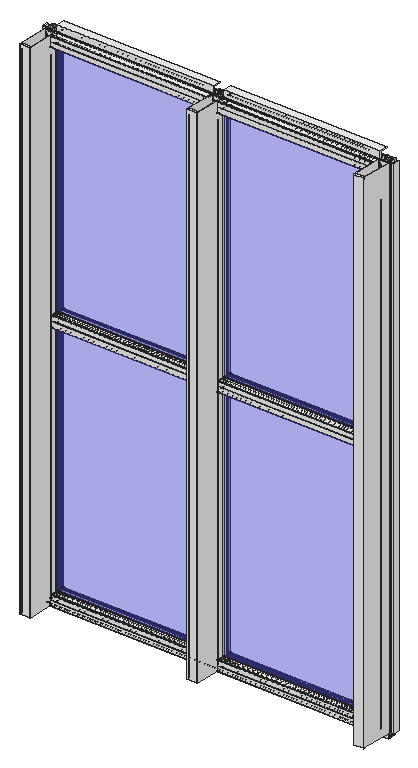
Revit family "Facade_60_Curtain_Wall_S22_Custom", category Windows, host Wall, Revit 2014 (continued)
Definition of nested family "F60 Vertical Profile Side_S22_Cust"
  Automatic sketch dimensions
    Extrusion 7 sketch curve to Extrusion 7 sketch curve = 1.65 mm
    Extrusion 7 sketch curve to Extrusion 7 sketch curve = 4.987 mm
    Extrusion 7 sketch curve to Extrusion 7 sketch curve = 4.813 mm
    Extrusion 7 sketch curve to Extrusion 7 sketch curve = 4.812 mm
    Extrusion 7 sketch curve to Extrusion 7 sketch curve = 137.5 mm
    Extrusion 7 sketch curve to Extrusion 7 sketch curve = 0.2 mm  (x2)
    Extrusion 7 sketch curve to Extrusion 7 sketch curve = 0.4 mm  (x2)
    Extrusion 7 sketch curve to Extrusion 7 sketch curve = 4.5 mm
    Extrusion 8 sketch curve to plane 3 "Center (Left/Right)" = 0 mm
    Extrusion 8 sketch curve to Extrusion 8 sketch curve = 1 mm  (x3)
    plane 3 "Center (Left/Right)" to Extrusion 8 sketch curve = 1.65 mm
    plane 3 "Center (Left/Right)" to Extrusion 8 sketch curve = 2.75 mm
    Extrusion 8 sketch curve to Extrusion 8 sketch curve = 0.8 mm  (x2)
    Extrusion 8 sketch curve to Extrusion 8 sketch curve = 52.5 mm
    Extrusion 8 sketch curve to plane 1 "Center (Front/Back)" = 15.1 mm
    Extrusion 8 sketch curve to Extrusion 8 sketch curve = 52.9 mm
    Extrusion 8 sketch curve to Extrusion 8 sketch curve = 1.9 mm
    Extrusion 8 sketch curve to Extrusion 8 sketch curve = 2.75 mm
    Extrusion 8 sketch curve to Extrusion 8 sketch curve = 4.444 mm
    Extrusion 8 sketch curve to Extrusion 8 sketch curve = 4.656 mm  (x2)
    Extrusion 8 sketch curve to Extrusion 8 sketch curve = 163.2 mm
    Extrusion 8 sketch curve to Extrusion 8 sketch curve = 9.5 mm
    plane 3 "Center (Left/Right)" to Extrusion 9 sketch curve = 25.249 mm
    Extrusion 9 sketch curve to Extrusion 9 sketch curve = 0.5 mm  (x4)
    Extrusion 9 sketch curve to Extrusion 9 sketch curve = 1.1 mm
    plane 1 "Center (Front/Back)" to Extrusion 9 sketch curve = 11.356 mm  (x2)
    Extrusion 9 sketch curve to Extrusion 9 sketch curve = 0.293 mm  (x2)
    Extrusion 9 sketch curve to Extrusion 9 sketch curve = 1.896 mm
    Extrusion 9 sketch curve to Extrusion 9 sketch curve = 1.922 mm
    Extrusion 9 sketch curve to Extrusion 9 sketch curve = 1 mm  (x2)
    Extrusion 9 sketch curve to Extrusion 9 sketch curve = 0.7 mm
    Extrusion 9 sketch curve to Extrusion 9 sketch curve = 0.808 mm
    Extrusion 9 sketch curve to plane 1 "Center (Front/Back)" = 2.272 mm  (x2)
    Extrusion 9 sketch curve to Extrusion 9 sketch curve = 0.303 mm
    Extrusion 9 sketch curve to plane 1 "Center (Front/Back)" = 1.745 mm
    Extrusion 9 sketch curve to Extrusion 9 sketch curve = 0.356 mm
    plane 1 "Center (Front/Back)" to Extrusion 9 sketch curve = 9.206 mm  (x2)
    Extrusion 9 sketch curve to Extrusion 9 sketch curve = 1.647 mm
    Extrusion 9 sketch curve to Extrusion 9 sketch curve = 0.701 mm
    Extrusion 9 sketch curve to Extrusion 9 sketch curve = 0.992 mm
    Extrusion 9 sketch curve to Extrusion 9 sketch curve = 0.003 mm
    Extrusion 9 sketch curve to Extrusion 9 sketch curve = 0.002 mm
    Extrusion 9 sketch curve to Extrusion 9 sketch curve = 0.004 mm
    Extrusion 9 sketch curve to Extrusion 9 sketch curve = 0.708 mm
    Extrusion 9 sketch curve to plane 1 "Center (Front/Back)" = 1.946 mm
    Extrusion 9 sketch curve to Extrusion 9 sketch curve = 0.899 mm
    Extrusion 9 sketch curve to Extrusion 9 sketch curve = 0.444 mm
    Extrusion 9 sketch curve to Extrusion 9 sketch curve = 3.038 mm
    Extrusion 9 sketch curve to plane 1 "Center (Front/Back)" = 0.385 mm  (x2)
    Extrusion 9 sketch curve to Extrusion 9 sketch curve = 0.756 mm
    Extrusion 9 sketch curve to Extrusion 9 sketch curve = 2.153 mm
    Extrusion 9 sketch curve to Extrusion 9 sketch curve = 0.631 mm
    Extrusion 9 sketch curve to Extrusion 9 sketch curve = 0.807 mm
    Extrusion 9 sketch curve to Extrusion 9 sketch curve = 1.646 mm
    Extrusion 9 sketch curve to Extrusion 9 sketch curve = 0.707 mm
    Extrusion 9 sketch curve to Extrusion 9 sketch curve = 1.393 mm
    Extrusion 9 sketch curve to Extrusion 9 sketch curve = 1.923 mm
    Extrusion 9 sketch curve to Extrusion 9 sketch curve = 11.937 mm
    Extrusion 9 sketch curve to Extrusion 9 sketch curve = 1.6 mm
    Extrusion 9 sketch curve to Extrusion 9 sketch curve = 0.9 mm  (x2)
    Extrusion 9 sketch curve to Extrusion 9 sketch curve = 1.356 mm  (x2)
    Extrusion 9 sketch curve to Extrusion 9 sketch curve = 0.714 mm
    Extrusion 9 sketch curve to Extrusion 9 sketch curve = 0.02 mm
    Extrusion 9 sketch curve to Extrusion 9 sketch curve = 0.399 mm
    Extrusion 9 sketch curve to Extrusion 9 sketch curve = 2.224 mm
    Extrusion 9 sketch curve to Extrusion 9 sketch curve = 0.448 mm
    Extrusion 9 sketch curve to plane 1 "Center (Front/Back)" = 0.198 mm
    Extrusion 9 sketch curve to plane 1 "Center (Front/Back)" = 0.201 mm
    Extrusion 9 sketch curve to Extrusion 9 sketch curve = 0.032 mm
    Extrusion 9 sketch curve to Extrusion 9 sketch curve = 0 mm
    plane 3 "Center (Left/Right)" to Extrusion 10 sketch curve = 1.014 mm
    Extrusion 10 sketch curve to Extrusion 10 sketch curve = 0.469 mm  (x2)
    plane 3 "Center (Left/Right)" to Extrusion 10 sketch curve = 1.706 mm
    Extrusion 10 sketch curve to Extrusion 10 sketch curve = 1.079 mm
    Extrusion 10 sketch curve to Extrusion 10 sketch curve = 0.864 mm
    Extrusion 10 sketch curve to Extrusion 10 sketch curve = 1.15 mm  (x4)
    Extrusion 10 sketch curve to Extrusion 10 sketch curve = 3.2 mm  (x2)
    Extrusion 10 sketch curve to Extrusion 10 sketch curve = 3.031 mm  (x2)
    Extrusion 10 sketch curve to Extrusion 10 sketch curve = 0.6 mm  (x3)
    Extrusion 10 sketch curve to Extrusion 10 sketch curve = 15.584 mm  (x2)
    Extrusion 10 sketch curve to Extrusion 10 sketch curve = 0.808 mm  (x2)
    Extrusion 10 sketch curve to Extrusion 10 sketch curve = 3.038 mm
    Extrusion 10 sketch curve to Extrusion 10 sketch curve = 0.865 mm
    Extrusion 10 sketch curve to Extrusion 10 sketch curve = 1.25 mm  (x5)
    Extrusion 10 sketch curve to Extrusion 10 sketch curve = 0.61 mm
    plane 1 "Center (Front/Back)" to Extrusion 10 sketch curve = 31.288 mm
    Extrusion 10 sketch curve to Extrusion 10 sketch curve = 0.362 mm
    plane 1 "Center (Front/Back)" to Extrusion 10 sketch curve = 31.65 mm
    Extrusion 10 sketch curve to Extrusion 10 sketch curve = 0.962 mm
    Extrusion 10 sketch curve to Extrusion 10 sketch curve = 0.85 mm
    Extrusion 10 sketch curve to Extrusion 10 sketch curve = 0.512 mm  (x2)
    Extrusion 10 sketch curve to Extrusion 10 sketch curve = 0.4 mm  (x2)
    Extrusion 10 sketch curve to Extrusion 10 sketch curve = 1 mm
    Extrusion 10 sketch curve to Extrusion 10 sketch curve = 2.8 mm
    Extrusion 10 sketch curve to Extrusion 10 sketch curve = 0 mm  (x2)
    Extrusion 10 sketch curve to Extrusion 10 sketch curve = 1.4 mm
    Extrusion 10 sketch curve to Extrusion 10 sketch curve = 0.539 mm  (x2)
    plane 1 "Center (Front/Back)" to Extrusion 10 sketch curve = 28.864 mm
    Extrusion 11 sketch curve to plane 3 "Center (Left/Right)" = 0 mm
    plane 3 "Center (Left/Right)" to Extrusion 11 sketch curve = 0.65 mm
    Extrusion 11 sketch curve to Extrusion 11 sketch curve = 0.128 mm  (x2)
    plane 3 "Center (Left/Right)" to Extrusion 11 sketch curve = 1.014 mm
    plane 3 "Center (Left/Right)" to Extrusion 11 sketch curve = 1.05 mm
    Extrusion 11 sketch curve to Extrusion 11 sketch curve = 0.469 mm  (x2)
    Extrusion 11 sketch curve to Extrusion 11 sketch curve = 1.079 mm
    Extrusion 11 sketch curve to Extrusion 11 sketch curve = 1.317 mm  (x2)
    Extrusion 11 sketch curve to Extrusion 11 sketch curve = 0 mm  (x3)
    plane 3 "Center (Left/Right)" to Extrusion 11 sketch curve = 3.85 mm
    Extrusion 11 sketch curve to Extrusion 11 sketch curve = 0.15 mm  (x2)
    Extrusion 11 sketch curve to Extrusion 11 sketch curve = 26 mm  (x2)
    Extrusion 11 sketch curve to Extrusion 11 sketch curve = 1.05 mm
    Extrusion 11 sketch curve to Extrusion 11 sketch curve = 0.707 mm
    Extrusion 11 sketch curve to Extrusion 11 sketch curve = 0.433 mm
    plane 1 "Center (Front/Back)" to Extrusion 11 sketch curve = 31.288 mm
    plane 1 "Center (Front/Back)" to Extrusion 11 sketch curve = 28.065 mm
    Extrusion 11 sketch curve to Extrusion 11 sketch curve = 1.314 mm
    Extrusion 11 sketch curve to Extrusion 11 sketch curve = 0.65 mm
    Extrusion 11 sketch curve to Extrusion 11 sketch curve = 0.5 mm  (x2)
    plane 1 "Center (Front/Back)" to Extrusion 11 sketch curve = 32.75 mm
    Extrusion 11 sketch curve to Extrusion 11 sketch curve = 0.1 mm  (x3)
    Extrusion 11 sketch curve to Extrusion 11 sketch curve = 1.1 mm  (x2)
    Extrusion 11 sketch curve to Extrusion 11 sketch curve = 8.608 mm
    Extrusion 11 sketch curve to Extrusion 11 sketch curve = 0.962 mm
    Extrusion 12 sketch curve to plane 3 "Center (Left/Right)" = 21.349 mm
    Extrusion 12 sketch curve to Extrusion 12 sketch curve = 6.35 mm
    plane 3 "Center (Left/Right)" to Extrusion 12 sketch curve = 10.403 mm
    plane 1 "Center (Front/Back)" to Extrusion 12 sketch curve = 35.567 mm
    plane 1 "Center (Front/Back)" to Extrusion 12 sketch curve = 10.171 mm
    plane 1 "Center (Front/Back)" to Extrusion 12 sketch curve = 3.821 mm
    Extrusion 13 sketch curve to plane 3 "Center (Left/Right)" = 21.35 mm
    Extrusion 13 sketch curve to Extrusion 13 sketch curve = 6.35 mm
    plane 3 "Center (Left/Right)" to Extrusion 13 sketch curve = 10.402 mm
    plane 1 "Center (Front/Back)" to Extrusion 13 sketch curve = 33.172 mm
    plane 1 "Center (Front/Back)" to Extrusion 13 sketch curve = 7.775 mm
    plane 1 "Center (Front/Back)" to Extrusion 13 sketch curve = 1.425 mm
    Extrusion 14 sketch curve to plane 3 "Center (Left/Right)" = 0 mm
    plane 3 "Center (Left/Right)" to Extrusion 14 sketch curve = 1.2 mm
    Extrusion 14 sketch curve to Extrusion 14 sketch curve = 9.6 mm
    Extrusion 14 sketch curve to Extrusion 14 sketch curve = 1.2 mm  (x3)
    plane 1 "Center (Front/Back)" to Extrusion 14 sketch curve = 25.775 mm
    plane 1 "Center (Front/Back)" to Extrusion 14 sketch curve = 8.975 mm
    curve 4 to Extrusion 6 = 0 mm
    curve 3 to Extrusion 6 = 0 mm
    curve 1 to Extrusion 6 = 0 mm
    curve 4 to Extrusion 6 = 3.6 mm
    curve 3 to Extrusion 6 = 3.6 mm
    curve 1 to Extrusion 6 = 3.6 mm
    Extrusion 6 to curve 2 = 1 mm
    Extrusion 6 to curve 5 = 1 mm
    Extrusion 6 to curve 6 = 1 mm
    curve 6 to Extrusion 6 = 1 mm
    curve 5 to Extrusion 6 = 1 mm
    curve 2 to Extrusion 6 = 1 mm
    curve 9 to Extrusion 6 = 0 mm
    curve 8 to Extrusion 6 = 0 mm
    curve 7 to Extrusion 6 = 0 mm
    Extrusion 6 to curve 8 = 3.6 mm
    Extrusion 6 to curve 9 = 3.6 mm
    Extrusion 6 to curve 7 = 3.6 mm
    curve 12 to Extrusion 5 = 25.894 mm
    curve 11 to Extrusion 5 = 25.894 mm
    curve 10 to Extrusion 5 = 25.894 mm
    curve 10 to Extrusion 5 = 0.108 mm
    Extrusion 5 to curve 12 = 0.703 mm
    Extrusion 5 to curve 11 = 0.703 mm
    curve 13 to Extrusion 5 = 4 mm
    curve 14 to Extrusion 5 = 4 mm
    curve 15 to Extrusion 5 = 4 mm
    Extrusion 5 to curve 15 = 0.702 mm
    Extrusion 5 to curve 14 = 0.702 mm
    Extrusion 5 to curve 13 = 0.702 mm
    curve 18 to Extrusion 7 = 0 mm
    curve 17 to Extrusion 7 = 0 mm
    curve 16 to Extrusion 7 = 0 mm
    Extrusion 7 to curve 17 = 3.6 mm
    Extrusion 7 to curve 18 = 3.6 mm
    Extrusion 7 to curve 16 = 3.6 mm
    Extrusion 7 to curve 21 = 1 mm  (x2)
    Extrusion 7 to curve 20 = 1 mm  (x2)
    Extrusion 7 to curve 19 = 1 mm  (x2)
    curve 24 to Extrusion 7 = 0 mm
    curve 23 to Extrusion 7 = 0 mm
    curve 22 to Extrusion 7 = 0 mm
    curve 24 to Extrusion 7 = 3.6 mm
    curve 23 to Extrusion 7 = 3.6 mm
    curve 22 to Extrusion 7 = 3.6 mm
    curve 27 to Extrusion 8 = 0 mm
    curve 26 to Extrusion 8 = 0 mm
    curve 25 to Extrusion 8 = 0 mm
    Extrusion 8 to curve 26 = 3.6 mm
    Extrusion 8 to curve 27 = 3.6 mm
    Extrusion 8 to curve 25 = 3.6 mm
    Extrusion 8 to curve 30 = 0.221 mm
    Extrusion 8 to curve 29 = 0.221 mm
    Extrusion 8 to curve 28 = 0.221 mm
    curve 29 to Extrusion 8 = 0.222 mm
    curve 30 to Extrusion 8 = 0.222 mm
    curve 28 to Extrusion 8 = 0.222 mm
    curve 33 to Extrusion 8 = 0 mm
    curve 32 to Extrusion 8 = 0 mm
    curve 31 to Extrusion 8 = 0 mm
    curve 33 to Extrusion 8 = 3.6 mm
    curve 32 to Extrusion 8 = 3.6 mm
    curve 31 to Extrusion 8 = 3.6 mm
    curve 34 to Extrusion 11 = 4.016 mm
    curve 35 to Extrusion 11 = 4.016 mm
    curve 36 to Extrusion 11 = 3.97 mm
    Extrusion 11 to curve 36 = 0.637 mm
    Extrusion 11 to curve 35 = 0.637 mm
    Extrusion 11 to curve 34 = 0.637 mm
    curve 37 to Extrusion 11 = 29.221 mm
    curve 38 to Extrusion 11 = 29.221 mm
    curve 39 to Extrusion 11 = 29.221 mm
    Extrusion 11 to curve 39 = 3.222 mm
    Extrusion 11 to curve 38 = 3.222 mm
    Extrusion 11 to curve 37 = 3.222 mm
Definition of nested family "F60 Horizontal Profile Top_S22_Cust"
  Parameters (values of type "F60 Horizontal Profile Top")
    Thermal Break Material [instance] = none
    Single Glazing [instance] = yes
    Profile Material [instance] = none
    Length [instance] = 250 mm
    Double Glazing [instance] = yes
  Reference planes
    plane 1 "Center (Front/Back)": y = 0
    plane 2: z = 0
    plane 3 "Center (Left/Right)": x = 0
  Forms (mm)
    Extrusion 1, solid, material <- "Profile Material"
      sketch origin (0, 0, 0) x (0, 1, 0) y (0, 0, 1)
        loop
          line (-9.94, 7.845) -> (-8.37, 6.275) -> (-1.2, 10.415) -> (-1.2, 1.2) -> (-5, 1.2) -> (-5, 0) -> (-1, 0)
          arc (-1, 0) -> (-0.293, 0.293) -> (0, 1) r 1
          line (0, 1) -> (0, 30) -> (0, 59)
          arc (0, 59) -> (-0.293, 59.707) -> (-1, 60) r 1
          line (-1, 60) -> (-5, 60) -> (-5, 58.8) -> (-1.2, 58.8) -> (-1.2, 49.585) -> (-8.37, 53.725) -> (-9.94, 52.155)
          arc (-9.94, 52.155) -> (-9.902, 51.269) -> (-9.016, 51.232) r 0.655
          line (-9.016, 51.232) -> (-8.077, 52.17) -> (-1.2, 48.2) -> (-1.2, 30) -> (-1.2, 11.8) -> (-8.077, 7.83) -> (-9.016, 8.768)
          arc (-9.016, 8.768) -> (-9.902, 8.731) -> (-9.94, 7.845) r 0.655
      from 0 to 250 <- "Length"
    Extrusion 2, solid, material <- "Profile Material"
      sketch origin (0, 0, 0) x (0, 1, 0) y (0, 0, 1)
        loop
          line (-5, 60) -> (-44.6, 60) -> (-44.6, 58.35) -> (-39.944, 58.35) -> (-39.944, 1.65) -> (-44.6, 1.65) -> (-44.6, 0) -> (-5, 0) -> (-5, 2.2) -> (-4.2, 2.2) -> (-4.2, 3.018)
          arc (-4.2, 3.018) -> (-4.352, 3.783) -> (-4.786, 4.432) r 2
          line (-4.786, 4.432) -> (-7.054, 6.7) -> (-8, 6.489) -> (-8, 5.7) -> (-7.205, 5.7) -> (-7.205, 2.95) -> (-8, 2.95) -> (-8, 1.95) -> (-12.752, 1.95) -> (-12.752, 6.7) -> (-14.152, 6.7) -> (-14.152, 1.65) -> (-38.65, 1.65) -> (-38.65, 8.33) -> (-37.097, 8.33) -> (-34.666, 6.973)
          arc (-34.666, 6.973) -> (-33.846, 7.192) -> (-34.066, 8.012) r 0.6
          line (-34.066, 8.012) -> (-37.128, 9.78) -> (-38.65, 9.78) -> (-38.65, 12.65) -> (-37.6, 13.7) -> (-37.6, 20.3) -> (-38.65, 21.35) -> (-38.65, 38.65) -> (-37.6, 39.7) -> (-37.6, 46.3) -> (-38.65, 47.35) -> (-38.65, 50.22) -> (-37.128, 50.22) -> (-34.066, 51.988)
          arc (-34.066, 51.988) -> (-33.846, 52.808) -> (-34.666, 53.027) r 0.6
          line (-34.666, 53.027) -> (-37.032, 51.661) -> (-38.65, 51.661) -> (-38.65, 58.35) -> (-14.152, 58.35) -> (-14.152, 53.3) -> (-12.752, 53.3) -> (-12.752, 58.05) -> (-8, 58.05) -> (-8, 57.05) -> (-7.205, 57.05) -> (-7.205, 54.3) -> (-8, 54.3) -> (-8, 53.511) -> (-7.054, 53.3) -> (-4.786, 55.568)
          arc (-4.786, 55.568) -> (-4.352, 56.217) -> (-4.2, 56.982) r 2
          line (-4.2, 56.982) -> (-4.2, 57.8) -> (-5, 57.8) -> (-5, 60)
      from 0 to 250 <- "Length"
    Extrusion 3, solid, material <- "Thermal Break Material"
      sketch origin (0, 0, 0) x (0, 1, 0) y (0, 0, 1)
        loop
          line (-40, 1.75) -> (-40, 30) -> (-40, 58.25) -> (-44.6, 58.25) -> (-44.6, 60) -> (-45.9, 60) -> (-45.9, 53.65) -> (-41.788, 53.65)
          arc (-41.788, 53.65) -> (-41.363, 53.474) -> (-41.187, 53.05) r 0.6
          line (-41.187, 53.05) -> (-41.187, 30) -> (-41.187, 6.95)
          arc (-41.187, 6.95) -> (-41.363, 6.526) -> (-41.788, 6.35) r 0.6
          line (-41.788, 6.35) -> (-45.9, 6.35) -> (-45.9, 0) -> (-44.6, 0) -> (-44.6, 1.75) -> (-40, 1.75)
      from 0 to 250 <- "Length"
    Extrusion 4, solid, material <- "Profile Material"
      sketch origin (0, 0, 0) x (0, 1, 0) y (0, 0, 1)
        loop
          line (-58.5, 25.249) -> (-43.6, 25.249)
          arc (-43.6, 25.249) -> (-43.034, 25.015) -> (-42.8, 24.449) r 0.8
          line (-42.8, 24.449) -> (-42.8, 7.9) -> (-44.4, 7.9) -> (-44.4, 9.45) -> (-45.25, 9.45)
          arc (-45.25, 9.45) -> (-45.674, 9.274) -> (-45.85, 8.85) r 0.6
          line (-45.85, 8.85) -> (-45.85, 7.9) -> (-48.8, 7.9)
          arc (-48.8, 7.9) -> (-49.3, 8.4) -> (-49.8, 7.9) r 0.5
          line (-49.8, 7.9) -> (-49.8, 5.55) -> (-48.65, 5.55) -> (-48.65, 6.7) -> (-47.35, 6.7) -> (-47.35, 1.2) -> (-48.65, 1.2) -> (-48.65, 2.35) -> (-49.8, 2.35) -> (-49.8, 0.5)
          arc (-49.8, 0.5) -> (-49.654, 0.146) -> (-49.3, 0) r 0.5
          line (-49.3, 0) -> (-45.9, 0) -> (-45.9, 6.45) -> (-42.2, 6.45)
          arc (-42.2, 6.45) -> (-41.634, 6.684) -> (-41.4, 7.25) r 0.8
          line (-41.4, 7.25) -> (-41.4, 30) -> (-41.4, 52.75)
          arc (-41.4, 52.75) -> (-41.634, 53.316) -> (-42.2, 53.55) r 0.8
          line (-42.2, 53.55) -> (-45.9, 53.55) -> (-45.9, 60) -> (-49.3, 60)
          arc (-49.3, 60) -> (-49.654, 59.854) -> (-49.8, 59.5) r 0.5
          line (-49.8, 59.5) -> (-49.8, 57.65) -> (-48.65, 57.65) -> (-48.65, 58.8) -> (-47.35, 58.8) -> (-47.35, 53.3) -> (-48.65, 53.3) -> (-48.65, 54.45) -> (-49.8, 54.45) -> (-49.8, 52.1)
          arc (-49.8, 52.1) -> (-49.3, 51.6) -> (-48.8, 52.1) r 0.5
          line (-48.8, 52.1) -> (-45.85, 52.1) -> (-45.85, 51.15)
          arc (-45.85, 51.15) -> (-45.674, 50.726) -> (-45.25, 50.55) r 0.6
          line (-45.25, 50.55) -> (-44.4, 50.55) -> (-44.4, 52.1) -> (-42.8, 52.1) -> (-42.8, 35.551)
          arc (-42.8, 35.551) -> (-43.034, 34.985) -> (-43.6, 34.751) r 0.8
          line (-43.6, 34.751) -> (-58.5, 34.751)
          arc (-58.5, 34.751) -> (-59.066, 34.516) -> (-59.3, 33.951) r 0.8
          line (-59.3, 33.951) -> (-59.3, 32.902) -> (-42.8, 32.902) -> (-42.8, 27.1) -> (-59.3, 27.1) -> (-59.3, 26.049)
          arc (-59.3, 26.049) -> (-59.066, 25.484) -> (-58.5, 25.249) r 0.8
      from 0 to 250 <- "Length"
    Extrusion 5, solid, material <- "Thermal Break Material", visible <- "Single Glazing"
      sketch origin (0, 0, 0) x (0, 1, 0) y (0, 0, 1)
        loop
          arc (-63.8, 25.751) -> (-63.654, 25.397) -> (-63.3, 25.251) r 0.5
          line (-63.3, 25.251) -> (-59.8, 25.251)
          arc (-59.8, 25.251) -> (-59.446, 25.397) -> (-59.3, 25.751) r 0.5
          line (-59.3, 25.751) -> (-59.3, 27.648) -> (-49.599, 27.648) -> (-47.528, 28.651)
          arc (-47.528, 28.651) -> (-46.803, 30.001) -> (-47.528, 31.351) r 1.62
          line (-47.528, 31.351) -> (-49.599, 32.353) -> (-59.3, 32.353) -> (-59.3, 34.251)
          arc (-59.3, 34.251) -> (-59.446, 34.604) -> (-59.8, 34.751) r 0.5
          line (-59.8, 34.751) -> (-63.3, 34.751)
          arc (-63.3, 34.751) -> (-63.654, 34.604) -> (-63.8, 34.251) r 0.5
          line (-63.8, 34.251) -> (-63.8, 32.328) -> (-62.4, 31.52) -> (-62.4, 28.483) -> (-63.8, 27.673) -> (-63.8, 25.751)
        loop
          line (-59.794, 28.506) -> (-59.006, 29.294)
          arc (-59.006, 29.294) -> (-58.788, 29.618) -> (-58.713, 30.001) r 0.986
          arc (-58.713, 30.001) -> (-58.79, 30.384) -> (-59.008, 30.71) r 1.007
          line (-59.008, 30.71) -> (-59.794, 31.496) -> (-60.65, 31.496)
          arc (-60.65, 31.496) -> (-61.004, 31.349) -> (-61.15, 30.996) r 0.5
          line (-61.15, 30.996) -> (-61.15, 29.006)
          arc (-61.15, 29.006) -> (-61.004, 28.652) -> (-60.65, 28.506) r 0.5
          line (-60.65, 28.506) -> (-59.794, 28.506)
        loop
          line (-47.854, 30.898) -> (-49.415, 31.653) -> (-56.782, 31.653)
          arc (-56.782, 31.653) -> (-57.207, 31.417) -> (-57.23, 30.932) r 0.5
          arc (-57.23, 30.932) -> (-57.013, 30.001) -> (-57.23, 29.07) r 2.099
          arc (-57.23, 29.07) -> (-57.207, 28.584) -> (-56.782, 28.348) r 0.5
          line (-56.782, 28.348) -> (-49.415, 28.348) -> (-48.055, 29.007)
          arc (-48.055, 29.007) -> (-47.35, 29.888) -> (-47.854, 30.898) r 1.047
      from 0 to 250 <- "Length"
    Extrusion 6, solid, material <- "Profile Material", visible <- "Single Glazing"
      sketch origin (0, 0, 0) x (0, 1, 0) y (0, 0, 1)
        loop
          line (-63.8, 52.694) -> (-64.8, 52.694) -> (-64.8, 51.544) -> (-66.05, 51.544) -> (-66.05, 57.044) -> (-64.8, 57.044) -> (-64.8, 55.894) -> (-63.8, 55.894) -> (-63.8, 58.294)
          arc (-63.8, 58.294) -> (-64.082, 58.803) -> (-64.664, 58.835) r 0.6
          line (-64.664, 58.835) -> (-66.562, 57.91) -> (-67.088, 58.988) -> (-68.05, 58.519) -> (-68.05, 48.513)
          arc (-68.05, 48.513) -> (-67.874, 48.089) -> (-67.45, 47.913) r 0.6
          line (-67.45, 47.913) -> (-66.6, 47.913) -> (-66.6, 12.09) -> (-67.45, 12.09)
          arc (-67.45, 12.09) -> (-67.874, 11.914) -> (-68.05, 11.49) r 0.6
          line (-68.05, 11.49) -> (-68.05, 1.485) -> (-67.088, 1.016) -> (-66.562, 2.095) -> (-64.663, 1.169)
          arc (-64.663, 1.169) -> (-64.082, 1.2) -> (-63.8, 1.709) r 0.6
          line (-63.8, 1.709) -> (-63.8, 4.109) -> (-64.8, 4.109) -> (-64.8, 2.959) -> (-66.05, 2.959) -> (-66.05, 8.459) -> (-64.8, 8.459) -> (-64.8, 7.309) -> (-63.8, 7.309) -> (-63.8, 27.674) -> (-62.4, 28.483) -> (-62.4, 31.521) -> (-63.8, 32.329) -> (-63.8, 52.694)
      from 0 to 250 <- "Length"
    Extrusion 7, solid, material <- "Profile Material", visible <- "Single Glazing"
      sketch origin (0, 0, 0) x (0, 1, 0) y (0, 0, 1)
        loop
          line (-68.551, 3.3) -> (-76.559, 3.3) -> (-76.559, 30) -> (-76.559, 56.15)
          arc (-76.559, 56.15) -> (-75.739, 58.13) -> (-73.759, 58.95) r 2.8
          line (-73.759, 58.95) -> (-69.151, 58.95) -> (-69.151, 57.2)
          arc (-69.151, 57.2) -> (-68.987, 56.829) -> (-68.601, 56.703) r 0.5
          arc (-68.601, 56.703) -> (-68.216, 56.829) -> (-68.051, 57.2) r 0.5
          line (-68.051, 57.2) -> (-68.051, 58.517) -> (-67.089, 58.986) -> (-66.563, 57.907) -> (-63.866, 59.222)
          arc (-63.866, 59.222) -> (-64.001, 59.762) -> (-64.504, 60) r 0.65
          line (-64.504, 60) -> (-73.859, 60)
          arc (-73.859, 60) -> (-76.687, 58.828) -> (-77.859, 56) r 4
          line (-77.859, 56) -> (-77.859, 30) -> (-77.859, 2.493)
          arc (-77.859, 2.493) -> (-77.197, 0.799) -> (-75.562, 0.002) r 2.5
          arc (-75.562, 0.002) -> (-75.182, 0.132) -> (-75.021, 0.5) r 0.5
          line (-75.021, 0.5) -> (-75.021, 2) -> (-69.151, 2) -> (-69.151, 0.5)
          arc (-69.151, 0.5) -> (-69.005, 0.146) -> (-68.651, 0) r 0.5
          line (-68.651, 0) -> (-64.504, 0)
          arc (-64.504, 0) -> (-64.001, 0.238) -> (-63.866, 0.778) r 0.65
          line (-63.866, 0.778) -> (-66.563, 2.093) -> (-67.089, 1.014) -> (-68.051, 1.483) -> (-68.051, 2.8)
          arc (-68.051, 2.8) -> (-68.198, 3.154) -> (-68.551, 3.3) r 0.5
      from 0 to 250 <- "Length"
    Extrusion 8, solid, material <- "Thermal Break Material", visible <- "Double Glazing"
      sketch origin (0, 0, 0) x (0, 1, 0) y (0, 0, 1)
        loop
          line (-77.8, 27.673) -> (-77.8, 25.751)
          arc (-77.8, 25.751) -> (-77.654, 25.397) -> (-77.3, 25.251) r 0.5
          line (-77.3, 25.251) -> (-59.8, 25.251)
          arc (-59.8, 25.251) -> (-59.446, 25.397) -> (-59.3, 25.751) r 0.5
          line (-59.3, 25.751) -> (-59.3, 27.647) -> (-49.599, 27.647) -> (-47.528, 28.649)
          arc (-47.528, 28.649) -> (-46.803, 29.999) -> (-47.528, 31.349) r 1.62
          line (-47.528, 31.349) -> (-49.602, 32.353) -> (-59.3, 32.353) -> (-59.3, 34.251)
          arc (-59.3, 34.251) -> (-59.446, 34.604) -> (-59.8, 34.751) r 0.5
          line (-59.8, 34.751) -> (-77.3, 34.751)
          arc (-77.3, 34.751) -> (-77.654, 34.604) -> (-77.8, 34.251) r 0.5
          line (-77.8, 34.251) -> (-77.8, 32.327) -> (-76.4, 31.52) -> (-76.4, 28.482) -> (-77.8, 27.673)
        loop
          line (-59.006, 30.708) -> (-61.156, 32.858)
          arc (-61.156, 32.858) -> (-61.48, 33.074) -> (-61.863, 33.151) r 1
          line (-61.863, 33.151) -> (-73.8, 33.151)
          arc (-73.8, 33.151) -> (-74.507, 32.858) -> (-74.8, 32.151) r 1
          line (-74.8, 32.151) -> (-74.8, 27.851)
          arc (-74.8, 27.851) -> (-74.507, 27.144) -> (-73.8, 26.851) r 1
          line (-73.8, 26.851) -> (-61.863, 26.851)
          arc (-61.863, 26.851) -> (-61.48, 26.927) -> (-61.156, 27.144) r 1
          line (-61.156, 27.144) -> (-59.006, 29.294)
          arc (-59.006, 29.294) -> (-58.788, 29.618) -> (-58.713, 30.001) r 0.986
          arc (-58.713, 30.001) -> (-58.79, 30.383) -> (-59.006, 30.708) r 1.007
        loop
          line (-56.782, 28.347) -> (-49.415, 28.347) -> (-48.055, 29.005)
          arc (-48.055, 29.005) -> (-47.35, 29.887) -> (-47.854, 30.896) r 1.047
          line (-47.854, 30.896) -> (-49.415, 31.652) -> (-56.782, 31.652)
          arc (-56.782, 31.652) -> (-57.207, 31.416) -> (-57.23, 30.93) r 0.5
          arc (-57.23, 30.93) -> (-57.013, 29.999) -> (-57.23, 29.068) r 2.099
          arc (-57.23, 29.068) -> (-57.207, 28.583) -> (-56.782, 28.347) r 0.5
      from 0 to 250 <- "Length"
    Extrusion 9, solid, material <- "Profile Material", visible <- "Double Glazing"
      sketch origin (0, 0, 0) x (0, 1, 0) y (0, 0, 1)
        loop
          line (-77.8, 52.694) -> (-78.8, 52.694) -> (-78.8, 51.544) -> (-80.05, 51.544) -> (-80.05, 57.044) -> (-78.8, 57.044) -> (-78.8, 55.894) -> (-77.8, 55.894) -> (-77.8, 58.294)
          arc (-77.8, 58.294) -> (-78.082, 58.802) -> (-78.664, 58.834) r 0.6
          line (-78.664, 58.834) -> (-80.562, 57.909) -> (-81.088, 58.988) -> (-82.05, 58.518) -> (-82.05, 48.512)
          arc (-82.05, 48.512) -> (-81.874, 48.088) -> (-81.45, 47.912) r 0.6
          line (-81.45, 47.912) -> (-80.6, 47.912) -> (-80.6, 12.089) -> (-81.45, 12.089)
          arc (-81.45, 12.089) -> (-81.874, 11.913) -> (-82.05, 11.489) r 0.6
          line (-82.05, 11.489) -> (-82.05, 1.484) -> (-81.088, 1.015) -> (-80.562, 2.094) -> (-78.663, 1.169)
          arc (-78.663, 1.169) -> (-78.082, 1.199) -> (-77.8, 1.708) r 0.6
          line (-77.8, 1.708) -> (-77.8, 4.108) -> (-78.8, 4.108) -> (-78.8, 2.958) -> (-80.05, 2.958) -> (-80.05, 8.458) -> (-78.8, 8.458) -> (-78.8, 7.308) -> (-77.8, 7.308) -> (-77.8, 27.673) -> (-76.4, 28.482) -> (-76.4, 31.52) -> (-77.8, 32.328) -> (-77.8, 52.694)
      from 0 to 250 <- "Length"
    Extrusion 10, solid, material <- "Profile Material", visible <- "Double Glazing"
      sketch origin (0, 0, 0) x (0, 1, 0) y (0, 0, 1)
        loop
          line (-82.551, 3.3) -> (-90.558, 3.3) -> (-90.558, 30) -> (-90.558, 56.15)
          arc (-90.558, 56.15) -> (-89.738, 58.13) -> (-87.758, 58.95) r 2.8
          line (-87.758, 58.95) -> (-83.151, 58.95) -> (-83.151, 57.2)
          arc (-83.151, 57.2) -> (-82.986, 56.829) -> (-82.601, 56.703) r 0.5
          arc (-82.601, 56.703) -> (-82.215, 56.829) -> (-82.051, 57.2) r 0.5
          line (-82.051, 57.2) -> (-82.051, 58.517) -> (-81.088, 58.986) -> (-80.563, 57.907) -> (-77.866, 59.222)
          arc (-77.866, 59.222) -> (-78, 59.762) -> (-78.503, 60) r 0.65
          line (-78.503, 60) -> (-87.858, 60)
          arc (-87.858, 60) -> (-90.687, 58.828) -> (-91.858, 56) r 4
          line (-91.858, 56) -> (-91.858, 30) -> (-91.858, 2.493)
          arc (-91.858, 2.493) -> (-91.196, 0.799) -> (-89.561, 0.002) r 2.5
          arc (-89.561, 0.002) -> (-89.182, 0.132) -> (-89.021, 0.5) r 0.5
          line (-89.021, 0.5) -> (-89.021, 2) -> (-83.151, 2) -> (-83.151, 0.5)
          arc (-83.151, 0.5) -> (-83.004, 0.146) -> (-82.651, 0) r 0.5
          line (-82.651, 0) -> (-78.503, 0)
          arc (-78.503, 0) -> (-78, 0.238) -> (-77.866, 0.778) r 0.65
          line (-77.866, 0.778) -> (-80.563, 2.093) -> (-81.088, 1.014) -> (-82.051, 1.483) -> (-82.051, 2.8)
          arc (-82.051, 2.8) -> (-82.197, 3.154) -> (-82.551, 3.3) r 0.5
      from 0 to 250 <- "Length"
    Extrusion 11, solid, material <- "Profile Material", visible <- "Double Glazing"
      sketch origin (0, 0, 0) x (0, 1, 0) y (0, 0, 1)
        loop
          line (-57.8, 45.73) -> (-51.8, 45.73) -> (-51.8, 95.73) -> (-101.8, 95.73) -> (-101.8, 89.73) -> (-57.8, 89.73) -> (-57.8, 45.73)
      from 0 to 250 <- "Length"
    Extrusion 12, solid, material <- "Profile Material", visible <- "Double Glazing"
      sketch origin (0, 0, 0) x (0, 1, 0) y (0, 0, 1)
        loop
          line (-75.8, 48) -> (-57.8, 48) -> (-57.8, 60) -> (-75.8, 60) -> (-75.8, 48)
        loop
          line (-74.6, 49.2) -> (-59, 49.2) -> (-59, 58.8) -> (-74.6, 58.8) -> (-74.6, 49.2)
      from 0 to 250 <- "Length"
    Extrusion 13, solid, material <- "Profile Material", visible <- "Single Glazing"
      sketch origin (0, 0, 0) x (0, 1, 0) y (0, 0, 1)
        loop
          line (-59.8, 45.865) -> (-53.8, 45.865) -> (-53.8, 95.865) -> (-103.8, 95.865) -> (-103.8, 89.865) -> (-59.8, 89.865) -> (-59.8, 45.865)
      from 0 to 250 <- "Length"
  Dimensions and locks
    aligned and locked: level to plane 2
Definition of nested family "F60 Sill_S22_Cust"
  Parameters (values of type "F60 Sill")
    Profile Material [instance] = none
    Length Sill [instance] = 250 mm
  Reference planes
    plane 1 "Center (Front/Back)": y = 0
    plane 2: z = 0
    plane 3 "Center (Left/Right)": x = 0
  Forms (mm)
    Extrusion 1, solid, material <- "Profile Material"
      sketch origin (0, 0, 0) x (0, 1, 0) y (0, 0, 1)
        loop
          line (-42.734, 5.324) -> (-48.256, 4.643)
          arc (-48.256, 4.643) -> (-49.196, 4.147) -> (-49.572, 3.154) r 1.5
          line (-49.572, 3.154) -> (-49.572, 1.88) -> (-47.772, 1.88) -> (-47.772, 3.191) -> (-19.233, 6.714)
          arc (-19.233, 6.714) -> (-17.924, 7.083) -> (-16.785, 7.826) r 4.5
          line (-16.785, 7.826) -> (-16.785, 1.88) -> (-15.285, 1.88) -> (-15.285, 24.58)
          arc (-15.285, 24.58) -> (-15.109, 25.004) -> (-14.685, 25.18) r 0.6
          line (-14.685, 25.18) -> (-4.072, 25.18) -> (-4.072, 1.88) -> (-2.572, 1.88) -> (-2.572, 29.88) -> (-4.072, 29.88) -> (-4.072, 28.88) -> (-5.222, 28.88) -> (-5.222, 27.68) -> (-4.072, 27.68) -> (-4.072, 26.38) -> (-9.572, 26.38) -> (-9.572, 27.68) -> (-8.422, 27.68) -> (-8.422, 28.88) -> (-10.172, 28.88)
          arc (-10.172, 28.88) -> (-10.597, 28.704) -> (-10.772, 28.28) r 0.6
          line (-10.772, 28.28) -> (-10.772, 26.38) -> (-15.285, 26.38)
          arc (-15.285, 26.38) -> (-16.345, 25.941) -> (-16.785, 24.88) r 1.5
          line (-16.785, 24.88) -> (-16.785, 11.18)
          arc (-16.785, 11.18) -> (-17.537, 9.193) -> (-19.417, 8.203) r 3
          line (-19.417, 8.203) -> (-39.35, 5.742)
          arc (-39.35, 5.742) -> (-40.527, 6.107) -> (-41.034, 7.231) r 1.5
          line (-41.034, 7.231) -> (-41.034, 19.996)
          arc (-41.034, 19.996) -> (-40.883, 20.394) -> (-40.507, 20.592) r 0.6
          line (-40.507, 20.592) -> (-32.917, 21.529)
          arc (-32.917, 21.529) -> (-31.977, 22.024) -> (-31.601, 23.017) r 1.5
          line (-31.601, 23.017) -> (-31.601, 28.88) -> (-33.101, 28.88) -> (-33.101, 23.548)
          arc (-33.101, 23.548) -> (-33.251, 23.15) -> (-33.627, 22.952) r 0.6
          line (-33.627, 22.952) -> (-45.787, 21.451)
          arc (-45.787, 21.451) -> (-46.727, 20.956) -> (-47.104, 19.962) r 1.5
          line (-47.104, 19.962) -> (-47.104, 19.054)
          arc (-47.104, 19.054) -> (-46.957, 18.7) -> (-46.604, 18.554) r 0.5
          line (-46.604, 18.554) -> (-45.604, 18.554) -> (-45.604, 19.962) -> (-42.734, 20.317) -> (-42.734, 5.324)
      from 0 to 250 <- "Length Sill"
  Dimensions and locks
    aligned and locked: level to plane 2
Definition of nested family "F60 Horizontal Profile Bottom_S22_Cust"
  Parameters (values of type "F60 Horizontal Profile Bottom")
    Thermal Break Material [instance] = none
    Single Glazing [instance] = yes
    Profile Material [instance] = none
    Length [instance] = 250 mm
    Double Glazing [instance] = yes
  Reference planes
    plane 1 "Center (Front/Back)": y = 0
    plane 2: z = 0
    plane 3 "Center (Left/Right)": x = 0
  Forms (mm)
    Extrusion 1, solid, material <- "Profile Material"
      sketch origin (0, 0, 0) x (0, 1, 0) y (0, 0, 1)
        loop
          line (-9.94, 7.845) -> (-8.37, 6.275) -> (-1.2, 10.415) -> (-1.2, 1.2) -> (-5, 1.2) -> (-5, 0) -> (-1, 0)
          arc (-1, 0) -> (-0.293, 0.293) -> (0, 1) r 1
          line (0, 1) -> (0, 30) -> (0, 59)
          arc (0, 59) -> (-0.293, 59.707) -> (-1, 60) r 1
          line (-1, 60) -> (-5, 60) -> (-5, 58.8) -> (-1.2, 58.8) -> (-1.2, 49.585) -> (-8.37, 53.725) -> (-9.94, 52.155)
          arc (-9.94, 52.155) -> (-9.902, 51.269) -> (-9.016, 51.232) r 0.655
          line (-9.016, 51.232) -> (-8.077, 52.17) -> (-1.2, 48.2) -> (-1.2, 30) -> (-1.2, 11.8) -> (-8.077, 7.83) -> (-9.016, 8.768)
          arc (-9.016, 8.768) -> (-9.902, 8.731) -> (-9.94, 7.845) r 0.655
      from 0 to 250 <- "Length"
    Extrusion 2, solid, material <- "Profile Material"
      sketch origin (0, 0, 0) x (0, 1, 0) y (0, 0, 1)
        loop
          line (-5, 60) -> (-44.6, 60) -> (-44.6, 58.35) -> (-39.944, 58.35) -> (-39.944, 1.65) -> (-44.6, 1.65) -> (-44.6, 0) -> (-5, 0) -> (-5, 2.2) -> (-4.2, 2.2) -> (-4.2, 3.018)
          arc (-4.2, 3.018) -> (-4.352, 3.783) -> (-4.786, 4.432) r 2
          line (-4.786, 4.432) -> (-7.054, 6.7) -> (-8, 6.489) -> (-8, 5.7) -> (-7.205, 5.7) -> (-7.205, 2.95) -> (-8, 2.95) -> (-8, 1.95) -> (-12.752, 1.95) -> (-12.752, 6.7) -> (-14.152, 6.7) -> (-14.152, 1.65) -> (-38.65, 1.65) -> (-38.65, 8.33) -> (-37.097, 8.33) -> (-34.666, 6.973)
          arc (-34.666, 6.973) -> (-33.846, 7.192) -> (-34.066, 8.012) r 0.6
          line (-34.066, 8.012) -> (-37.128, 9.78) -> (-38.65, 9.78) -> (-38.65, 12.65) -> (-37.6, 13.7) -> (-37.6, 20.3) -> (-38.65, 21.35) -> (-38.65, 38.65) -> (-37.6, 39.7) -> (-37.6, 46.3) -> (-38.65, 47.35) -> (-38.65, 50.22) -> (-37.128, 50.22) -> (-34.066, 51.988)
          arc (-34.066, 51.988) -> (-33.846, 52.808) -> (-34.666, 53.027) r 0.6
          line (-34.666, 53.027) -> (-37.032, 51.661) -> (-38.65, 51.661) -> (-38.65, 58.35) -> (-14.152, 58.35) -> (-14.152, 53.3) -> (-12.752, 53.3) -> (-12.752, 58.05) -> (-8, 58.05) -> (-8, 57.05) -> (-7.205, 57.05) -> (-7.205, 54.3) -> (-8, 54.3) -> (-8, 53.511) -> (-7.054, 53.3) -> (-4.786, 55.568)
          arc (-4.786, 55.568) -> (-4.352, 56.217) -> (-4.2, 56.982) r 2
          line (-4.2, 56.982) -> (-4.2, 57.8) -> (-5, 57.8) -> (-5, 60)
      from 0 to 250 <- "Length"
    Extrusion 3, solid, material <- "Thermal Break Material"
      sketch origin (0, 0, 0) x (0, 1, 0) y (0, 0, 1)
        loop
          line (-40, 1.75) -> (-40, 30) -> (-40, 58.25) -> (-44.6, 58.25) -> (-44.6, 60) -> (-45.9, 60) -> (-45.9, 53.65) -> (-41.788, 53.65)
          arc (-41.788, 53.65) -> (-41.363, 53.474) -> (-41.187, 53.05) r 0.6
          line (-41.187, 53.05) -> (-41.187, 30) -> (-41.187, 6.95)
          arc (-41.187, 6.95) -> (-41.363, 6.526) -> (-41.788, 6.35) r 0.6
          line (-41.788, 6.35) -> (-45.9, 6.35) -> (-45.9, 0) -> (-44.6, 0) -> (-44.6, 1.75) -> (-40, 1.75)
      from 0 to 250 <- "Length"
    Extrusion 4, solid, material <- "Profile Material"
      sketch origin (0, 0, 0) x (0, 1, 0) y (0, 0, 1)
        loop
          line (-58.5, 25.249) -> (-43.6, 25.249)
          arc (-43.6, 25.249) -> (-43.034, 25.015) -> (-42.8, 24.449) r 0.8
          line (-42.8, 24.449) -> (-42.8, 7.9) -> (-44.4, 7.9) -> (-44.4, 9.45) -> (-45.25, 9.45)
          arc (-45.25, 9.45) -> (-45.674, 9.274) -> (-45.85, 8.85) r 0.6
          line (-45.85, 8.85) -> (-45.85, 7.9) -> (-48.8, 7.9)
          arc (-48.8, 7.9) -> (-49.3, 8.4) -> (-49.8, 7.9) r 0.5
          line (-49.8, 7.9) -> (-49.8, 5.55) -> (-48.65, 5.55) -> (-48.65, 6.7) -> (-47.35, 6.7) -> (-47.35, 1.2) -> (-48.65, 1.2) -> (-48.65, 2.35) -> (-49.8, 2.35) -> (-49.8, 0.5)
          arc (-49.8, 0.5) -> (-49.654, 0.146) -> (-49.3, 0) r 0.5
          line (-49.3, 0) -> (-45.9, 0) -> (-45.9, 6.45) -> (-42.2, 6.45)
          arc (-42.2, 6.45) -> (-41.634, 6.684) -> (-41.4, 7.25) r 0.8
          line (-41.4, 7.25) -> (-41.4, 30) -> (-41.4, 52.75)
          arc (-41.4, 52.75) -> (-41.634, 53.316) -> (-42.2, 53.55) r 0.8
          line (-42.2, 53.55) -> (-45.9, 53.55) -> (-45.9, 60) -> (-49.3, 60)
          arc (-49.3, 60) -> (-49.654, 59.854) -> (-49.8, 59.5) r 0.5
          line (-49.8, 59.5) -> (-49.8, 57.65) -> (-48.65, 57.65) -> (-48.65, 58.8) -> (-47.35, 58.8) -> (-47.35, 53.3) -> (-48.65, 53.3) -> (-48.65, 54.45) -> (-49.8, 54.45) -> (-49.8, 52.1)
          arc (-49.8, 52.1) -> (-49.3, 51.6) -> (-48.8, 52.1) r 0.5
          line (-48.8, 52.1) -> (-45.85, 52.1) -> (-45.85, 51.15)
          arc (-45.85, 51.15) -> (-45.674, 50.726) -> (-45.25, 50.55) r 0.6
          line (-45.25, 50.55) -> (-44.4, 50.55) -> (-44.4, 52.1) -> (-42.8, 52.1) -> (-42.8, 35.551)
          arc (-42.8, 35.551) -> (-43.034, 34.985) -> (-43.6, 34.751) r 0.8
          line (-43.6, 34.751) -> (-58.5, 34.751)
          arc (-58.5, 34.751) -> (-59.066, 34.516) -> (-59.3, 33.951) r 0.8
          line (-59.3, 33.951) -> (-59.3, 32.902) -> (-42.8, 32.902) -> (-42.8, 27.1) -> (-59.3, 27.1) -> (-59.3, 26.049)
          arc (-59.3, 26.049) -> (-59.066, 25.484) -> (-58.5, 25.249) r 0.8
      from 0 to 250 <- "Length"
    Extrusion 5, solid, material <- "Thermal Break Material", visible <- "Single Glazing"
      sketch origin (0, 0, 0) x (0, 1, 0) y (0, 0, 1)
        loop
          arc (-63.8, 25.751) -> (-63.654, 25.397) -> (-63.3, 25.251) r 0.5
          line (-63.3, 25.251) -> (-59.8, 25.251)
          arc (-59.8, 25.251) -> (-59.446, 25.397) -> (-59.3, 25.751) r 0.5
          line (-59.3, 25.751) -> (-59.3, 27.648) -> (-49.599, 27.648) -> (-47.528, 28.651)
          arc (-47.528, 28.651) -> (-46.803, 30.001) -> (-47.528, 31.351) r 1.62
          line (-47.528, 31.351) -> (-49.599, 32.353) -> (-59.3, 32.353) -> (-59.3, 34.251)
          arc (-59.3, 34.251) -> (-59.446, 34.604) -> (-59.8, 34.751) r 0.5
          line (-59.8, 34.751) -> (-63.3, 34.751)
          arc (-63.3, 34.751) -> (-63.654, 34.604) -> (-63.8, 34.251) r 0.5
          line (-63.8, 34.251) -> (-63.8, 32.328) -> (-62.4, 31.52) -> (-62.4, 28.483) -> (-63.8, 27.673) -> (-63.8, 25.751)
        loop
          line (-59.794, 28.506) -> (-59.006, 29.294)
          arc (-59.006, 29.294) -> (-58.788, 29.618) -> (-58.713, 30.001) r 0.986
          arc (-58.713, 30.001) -> (-58.79, 30.384) -> (-59.008, 30.71) r 1.007
          line (-59.008, 30.71) -> (-59.794, 31.496) -> (-60.65, 31.496)
          arc (-60.65, 31.496) -> (-61.004, 31.349) -> (-61.15, 30.996) r 0.5
          line (-61.15, 30.996) -> (-61.15, 29.006)
          arc (-61.15, 29.006) -> (-61.004, 28.652) -> (-60.65, 28.506) r 0.5
          line (-60.65, 28.506) -> (-59.794, 28.506)
        loop
          line (-47.854, 30.898) -> (-49.415, 31.653) -> (-56.782, 31.653)
          arc (-56.782, 31.653) -> (-57.207, 31.417) -> (-57.23, 30.932) r 0.5
          arc (-57.23, 30.932) -> (-57.013, 30.001) -> (-57.23, 29.07) r 2.099
          arc (-57.23, 29.07) -> (-57.207, 28.584) -> (-56.782, 28.348) r 0.5
          line (-56.782, 28.348) -> (-49.415, 28.348) -> (-48.055, 29.007)
          arc (-48.055, 29.007) -> (-47.35, 29.888) -> (-47.854, 30.898) r 1.047
      from 0 to 250 <- "Length"
    Extrusion 6, solid, material <- "Profile Material", visible <- "Single Glazing"
      sketch origin (0, 0, 0) x (0, 1, 0) y (0, 0, 1)
        loop
          line (-63.8, 52.694) -> (-64.8, 52.694) -> (-64.8, 51.544) -> (-66.05, 51.544) -> (-66.05, 57.044) -> (-64.8, 57.044) -> (-64.8, 55.894) -> (-63.8, 55.894) -> (-63.8, 58.294)
          arc (-63.8, 58.294) -> (-64.082, 58.803) -> (-64.664, 58.835) r 0.6
          line (-64.664, 58.835) -> (-66.562, 57.91) -> (-67.088, 58.988) -> (-68.05, 58.519) -> (-68.05, 48.513)
          arc (-68.05, 48.513) -> (-67.874, 48.089) -> (-67.45, 47.913) r 0.6
          line (-67.45, 47.913) -> (-66.6, 47.913) -> (-66.6, 12.09) -> (-67.45, 12.09)
          arc (-67.45, 12.09) -> (-67.874, 11.914) -> (-68.05, 11.49) r 0.6
          line (-68.05, 11.49) -> (-68.05, 1.485) -> (-67.088, 1.016) -> (-66.562, 2.095) -> (-64.663, 1.169)
          arc (-64.663, 1.169) -> (-64.082, 1.2) -> (-63.8, 1.709) r 0.6
          line (-63.8, 1.709) -> (-63.8, 4.109) -> (-64.8, 4.109) -> (-64.8, 2.959) -> (-66.05, 2.959) -> (-66.05, 8.459) -> (-64.8, 8.459) -> (-64.8, 7.309) -> (-63.8, 7.309) -> (-63.8, 27.674) -> (-62.4, 28.483) -> (-62.4, 31.521) -> (-63.8, 32.329) -> (-63.8, 52.694)
      from 0 to 250 <- "Length"
    Extrusion 7, solid, material <- "Profile Material", visible <- "Single Glazing"
      sketch origin (0, 0, 0) x (0, 1, 0) y (0, 0, 1)
        loop
          line (-68.551, 3.3) -> (-76.559, 3.3) -> (-76.559, 30) -> (-76.559, 56.15)
          arc (-76.559, 56.15) -> (-75.739, 58.13) -> (-73.759, 58.95) r 2.8
          line (-73.759, 58.95) -> (-69.151, 58.95) -> (-69.151, 57.2)
          arc (-69.151, 57.2) -> (-68.987, 56.829) -> (-68.601, 56.703) r 0.5
          arc (-68.601, 56.703) -> (-68.216, 56.829) -> (-68.051, 57.2) r 0.5
          line (-68.051, 57.2) -> (-68.051, 58.517) -> (-67.089, 58.986) -> (-66.563, 57.907) -> (-63.866, 59.222)
          arc (-63.866, 59.222) -> (-64.001, 59.762) -> (-64.504, 60) r 0.65
          line (-64.504, 60) -> (-73.859, 60)
          arc (-73.859, 60) -> (-76.687, 58.828) -> (-77.859, 56) r 4
          line (-77.859, 56) -> (-77.859, 30) -> (-77.859, 2.493)
          arc (-77.859, 2.493) -> (-77.197, 0.799) -> (-75.562, 0.002) r 2.5
          arc (-75.562, 0.002) -> (-75.182, 0.132) -> (-75.021, 0.5) r 0.5
          line (-75.021, 0.5) -> (-75.021, 2) -> (-69.151, 2) -> (-69.151, 0.5)
          arc (-69.151, 0.5) -> (-69.005, 0.146) -> (-68.651, 0) r 0.5
          line (-68.651, 0) -> (-64.504, 0)
          arc (-64.504, 0) -> (-64.001, 0.238) -> (-63.866, 0.778) r 0.65
          line (-63.866, 0.778) -> (-66.563, 2.093) -> (-67.089, 1.014) -> (-68.051, 1.483) -> (-68.051, 2.8)
          arc (-68.051, 2.8) -> (-68.198, 3.154) -> (-68.551, 3.3) r 0.5
      from 0 to 250 <- "Length"
    Extrusion 8, solid, material <- "Thermal Break Material", visible <- "Double Glazing"
      sketch origin (0, 0, 0) x (0, 1, 0) y (0, 0, 1)
        loop
          line (-77.8, 27.673) -> (-77.8, 25.751)
          arc (-77.8, 25.751) -> (-77.654, 25.397) -> (-77.3, 25.251) r 0.5
          line (-77.3, 25.251) -> (-59.8, 25.251)
          arc (-59.8, 25.251) -> (-59.446, 25.397) -> (-59.3, 25.751) r 0.5
          line (-59.3, 25.751) -> (-59.3, 27.647) -> (-49.599, 27.647) -> (-47.528, 28.649)
          arc (-47.528, 28.649) -> (-46.803, 29.999) -> (-47.528, 31.349) r 1.62
          line (-47.528, 31.349) -> (-49.602, 32.353) -> (-59.3, 32.353) -> (-59.3, 34.251)
          arc (-59.3, 34.251) -> (-59.446, 34.604) -> (-59.8, 34.751) r 0.5
          line (-59.8, 34.751) -> (-77.3, 34.751)
          arc (-77.3, 34.751) -> (-77.654, 34.604) -> (-77.8, 34.251) r 0.5
          line (-77.8, 34.251) -> (-77.8, 32.327) -> (-76.4, 31.52) -> (-76.4, 28.482) -> (-77.8, 27.673)
        loop
          line (-59.006, 30.708) -> (-61.156, 32.858)
          arc (-61.156, 32.858) -> (-61.48, 33.074) -> (-61.863, 33.151) r 1
          line (-61.863, 33.151) -> (-73.8, 33.151)
          arc (-73.8, 33.151) -> (-74.507, 32.858) -> (-74.8, 32.151) r 1
          line (-74.8, 32.151) -> (-74.8, 27.851)
          arc (-74.8, 27.851) -> (-74.507, 27.144) -> (-73.8, 26.851) r 1
          line (-73.8, 26.851) -> (-61.863, 26.851)
          arc (-61.863, 26.851) -> (-61.48, 26.927) -> (-61.156, 27.144) r 1
          line (-61.156, 27.144) -> (-59.006, 29.294)
          arc (-59.006, 29.294) -> (-58.788, 29.618) -> (-58.713, 30.001) r 0.986
          arc (-58.713, 30.001) -> (-58.79, 30.383) -> (-59.006, 30.708) r 1.007
        loop
          line (-56.782, 28.347) -> (-49.415, 28.347) -> (-48.055, 29.005)
          arc (-48.055, 29.005) -> (-47.35, 29.887) -> (-47.854, 30.896) r 1.047
          line (-47.854, 30.896) -> (-49.415, 31.652) -> (-56.782, 31.652)
          arc (-56.782, 31.652) -> (-57.207, 31.416) -> (-57.23, 30.93) r 0.5
          arc (-57.23, 30.93) -> (-57.013, 29.999) -> (-57.23, 29.068) r 2.099
          arc (-57.23, 29.068) -> (-57.207, 28.583) -> (-56.782, 28.347) r 0.5
      from 0 to 250 <- "Length"
    Extrusion 9, solid, material <- "Profile Material", visible <- "Double Glazing"
      sketch origin (0, 0, 0) x (0, 1, 0) y (0, 0, 1)
        loop
          line (-77.8, 52.694) -> (-78.8, 52.694) -> (-78.8, 51.544) -> (-80.05, 51.544) -> (-80.05, 57.044) -> (-78.8, 57.044) -> (-78.8, 55.894) -> (-77.8, 55.894) -> (-77.8, 58.294)
          arc (-77.8, 58.294) -> (-78.082, 58.802) -> (-78.664, 58.834) r 0.6
          line (-78.664, 58.834) -> (-80.562, 57.909) -> (-81.088, 58.988) -> (-82.05, 58.518) -> (-82.05, 48.512)
          arc (-82.05, 48.512) -> (-81.874, 48.088) -> (-81.45, 47.912) r 0.6
          line (-81.45, 47.912) -> (-80.6, 47.912) -> (-80.6, 12.089) -> (-81.45, 12.089)
          arc (-81.45, 12.089) -> (-81.874, 11.913) -> (-82.05, 11.489) r 0.6
          line (-82.05, 11.489) -> (-82.05, 1.484) -> (-81.088, 1.015) -> (-80.562, 2.094) -> (-78.663, 1.169)
          arc (-78.663, 1.169) -> (-78.082, 1.199) -> (-77.8, 1.708) r 0.6
          line (-77.8, 1.708) -> (-77.8, 4.108) -> (-78.8, 4.108) -> (-78.8, 2.958) -> (-80.05, 2.958) -> (-80.05, 8.458) -> (-78.8, 8.458) -> (-78.8, 7.308) -> (-77.8, 7.308) -> (-77.8, 27.673) -> (-76.4, 28.482) -> (-76.4, 31.52) -> (-77.8, 32.328) -> (-77.8, 52.694)
      from 0 to 250 <- "Length"
    Extrusion 10, solid, material <- "Profile Material", visible <- "Double Glazing"
      sketch origin (0, 0, 0) x (0, 1, 0) y (0, 0, 1)
        loop
          line (-82.551, 3.3) -> (-90.558, 3.3) -> (-90.558, 30) -> (-90.558, 56.15)
          arc (-90.558, 56.15) -> (-89.738, 58.13) -> (-87.758, 58.95) r 2.8
          line (-87.758, 58.95) -> (-83.151, 58.95) -> (-83.151, 57.2)
          arc (-83.151, 57.2) -> (-82.986, 56.829) -> (-82.601, 56.703) r 0.5
          arc (-82.601, 56.703) -> (-82.215, 56.829) -> (-82.051, 57.2) r 0.5
          line (-82.051, 57.2) -> (-82.051, 58.517) -> (-81.088, 58.986) -> (-80.563, 57.907) -> (-77.866, 59.222)
          arc (-77.866, 59.222) -> (-78, 59.762) -> (-78.503, 60) r 0.65
          line (-78.503, 60) -> (-87.858, 60)
          arc (-87.858, 60) -> (-90.687, 58.828) -> (-91.858, 56) r 4
          line (-91.858, 56) -> (-91.858, 30) -> (-91.858, 2.493)
          arc (-91.858, 2.493) -> (-91.196, 0.799) -> (-89.561, 0.002) r 2.5
          arc (-89.561, 0.002) -> (-89.182, 0.132) -> (-89.021, 0.5) r 0.5
          line (-89.021, 0.5) -> (-89.021, 2) -> (-83.151, 2) -> (-83.151, 0.5)
          arc (-83.151, 0.5) -> (-83.004, 0.146) -> (-82.651, 0) r 0.5
          line (-82.651, 0) -> (-78.503, 0)
          arc (-78.503, 0) -> (-78, 0.238) -> (-77.866, 0.778) r 0.65
          line (-77.866, 0.778) -> (-80.563, 2.093) -> (-81.088, 1.014) -> (-82.051, 1.483) -> (-82.051, 2.8)
          arc (-82.051, 2.8) -> (-82.197, 3.154) -> (-82.551, 3.3) r 0.5
      from 0 to 250 <- "Length"
    Extrusion 11, solid, material <- "Profile Material", visible <- "Single Glazing"
      sketch origin (0, 0, 0) x (0, 1, 0) y (0, 0, 1)
        loop
          line (-63.8, 18) -> (-63.8, 0) -> (-51.8, 0) -> (-51.8, 18) -> (-63.8, 18)
        loop
          line (-62.6, 16.8) -> (-62.6, 1.2) -> (-53, 1.2) -> (-53, 16.8) -> (-62.6, 16.8)
      from 0 to 250 <- "Length"
    Extrusion 12, solid, material <- "Profile Material", visible <- "Double Glazing"
      sketch origin (0, 0, 0) x (0, 1, 0) y (0, 0, 1)
        loop
          line (-76.4, 0) -> (-51.4, 0) -> (-51.4, 25) -> (-76.4, 25) -> (-76.4, 0)
        loop
          line (-74.9, 1.5) -> (-52.9, 1.5) -> (-52.9, 23.5) -> (-74.9, 23.5) -> (-74.9, 1.5)
      from 0 to 250 <- "Length"
  Dimensions and locks
    aligned and locked: level to plane 2
Definition of nested family "F60_Single_Glazing_S22_Cust"
  Parameters (values of type "F60_Single_Glazing")
    Glazing Width [instance] = 900 mm
    Glazing Height [instance] = 900 mm
    SG Thickness [instance] = 4 mm
    Glazing Finish [instance] = Glass
  Reference planes
    plane 1 "Center (Front/Back)": y = 0
    plane 2: z = 0
    plane 3 "Center (Left/Right)": x = 0
  Forms (mm)
    Extrusion 1, solid, material "Glass" <- "Glazing Finish"
      sketch origin (0, 0, 0) x (1, 0, 0) y (0, 0, 1)
        loop
          line (0, 0) -> (0, 900) -> (-900, 900) -> (-900, 0) -> (0, 0)
      from 0 to 4 <- "SG Thickness"
  Dimensions and locks
    "Glazing Width": plane 3 "Center (Left/Right)" to Extrusion 1 sketch curve
    "Glazing Height": Extrusion 1 sketch curve to level
    aligned and locked: level to plane 2
    aligned and locked: Extrusion 1 sketch curve to plane 3 "Center (Left/Right)"
    aligned and locked: level to Extrusion 1 sketch curve
Definition of nested family "F60_Double_Glazing_S22_Cust"
  Parameters (values of type "F60_Double_Glazing")
    Glazing Width [instance] = 600 mm
    Glazing Height [instance] = 600 mm
    Glazing Thickness DG [instance] = 4 mm
    Glazing Material [instance] = Glass
    Double Glazing Gasket Thickness [instance] = 12 mm
    Double Glazing Gasket Material [instance] = none
  Reference planes
    plane 1 "Center (Front/Back)": y = 0
    plane 2: z = 0
    plane 3 "Center (Left/Right)": x = 0
  Forms (mm)
    Extrusion 1, solid, material "Glass" <- "Glazing Material"
      sketch origin (0, 0, 0) x (1, 0, 0) y (0, 0, 1)
        loop
          line (0, 0) -> (0, 600) -> (-600, 600) -> (-600, 0) -> (0, 0)
      from 0 to 4 <- "Glazing Thickness DG"
    Extrusion 2, solid, material <- "Double Glazing Gasket Material"
      sketch origin (0, -4, 0) x (1, 0, 0) y (0, 0, 1)
        loop
          line (-600, 600) -> (-600, 0) -> (0, 0) -> (0, 600) -> (-600, 600)
        loop
          line (-592, 8) -> (-8, 8) -> (-8, 592) -> (-592, 592) -> (-592, 8)
      from 0 to 12 <- "Double Glazing Gasket Thickness"
    Extrusion 3, solid, material "Glass" <- "Glazing Material"
      sketch origin (0, -16, 0) x (1, 0, 0) y (0, 0, 1)
        loop
          line (-600, 600) -> (-600, 0) -> (0, 0) -> (0, 600) -> (-600, 600)
      from 0 to 4 <- "Glazing Thickness DG"
  Dimensions and locks
    "Glazing Width": plane 3 "Center (Left/Right)" to Extrusion 1 sketch curve
    "Glazing Height": Extrusion 1 sketch curve to level
    aligned and locked: level to plane 2
    aligned and locked: Extrusion 1 sketch curve to plane 3 "Center (Left/Right)"
    aligned and locked: level to Extrusion 1 sketch curve
    aligned and locked: Extrusion 2 sketch curve to Extrusion 1  (x4)
    aligned and locked: Extrusion 3 sketch curve to Extrusion 2  (x4)
  Automatic sketch dimensions
    Extrusion 2 sketch curve to Extrusion 1 = 8 mm  (x4)
Definition of nested family "F60 Vertical Profile Middle_S22_Cust"
  Parameters (values of type "F60 Vertical Profile Middle")
    Quarter SG Expansion Break [instance] = if(and(Quarter Expansion Break, Single Glazing), 1 = 1, 1 = 0)  # yes
    Quarter Length [instance] = Length / 4  # 62.5 mm
    Thermal Break Material [instance] = none
    Single Glazing [instance] = yes
    Quarter Expansion Break [instance] = yes
    Quarter DG Expansion Break [instance] = if(and(Quarter Expansion Break, Double Glazing), 1 = 1, 1 = 0)  # yes
    Quarter 190mm Expansion Break [instance] = if(and(Quarter Expansion Break, [190mm Mullion]), 1 = 1, 1 = 0)  # yes
    Quarter 160mm Expansion Break [instance] = if(and(Quarter Expansion Break, [160mm Mullion]), 1 = 1, 1 = 0)  # yes
    Quarter 100mm Expansion Break [instance] = if(and(Quarter Expansion Break, [100mm Mullion]), 1 = 1, 1 = 0)  # yes
    Profile Material [instance] = none
    Length [instance] = 250 mm
    Half SG Expansion Break [instance] = if(and(Half Expansion Break, Single Glazing), 1 = 1, 1 = 0)  # yes
    Half Length [instance] = Length / 2  # 125 mm
    Half Expansion Break [instance] = yes
    Half DG Expansion Break [instance] = if(and(Half Expansion Break, Double Glazing), 1 = 1, 1 = 0)  # yes
    Half 190mm Expansion Joint [instance] = if(and(Half Expansion Break, [190mm Mullion]), 1 = 1, 1 = 0)  # yes
    Half 160mm Expansion Break [instance] = if(and(Half Expansion Break, [160mm Mullion]), 1 = 1, 1 = 0)  # yes
    Half 100mm Expansion Break [instance] = if(and(Half Expansion Break, [100mm Mullion]), 1 = 1, 1 = 0)  # yes
    Double Glazing [instance] = yes
    190mm Mullion [instance] = yes
    160mm Mullion [instance] = yes
    100mm Mullion [instance] = yes
  Reference planes
    plane 1 "Center (Front/Back)": y = 0
    plane 2: z = 0
    plane 3 "Center (Left/Right)": x = 0
  Forms (mm)
    Extrusion 1, solid, material <- "Profile Material"
      sketch origin (0, 0, 0) x (1, 0, 0) y (0, 1, 0)
        loop
          arc (25.249, -8.7) -> (25.484, -9.266) -> (26.049, -9.5) r 0.8
